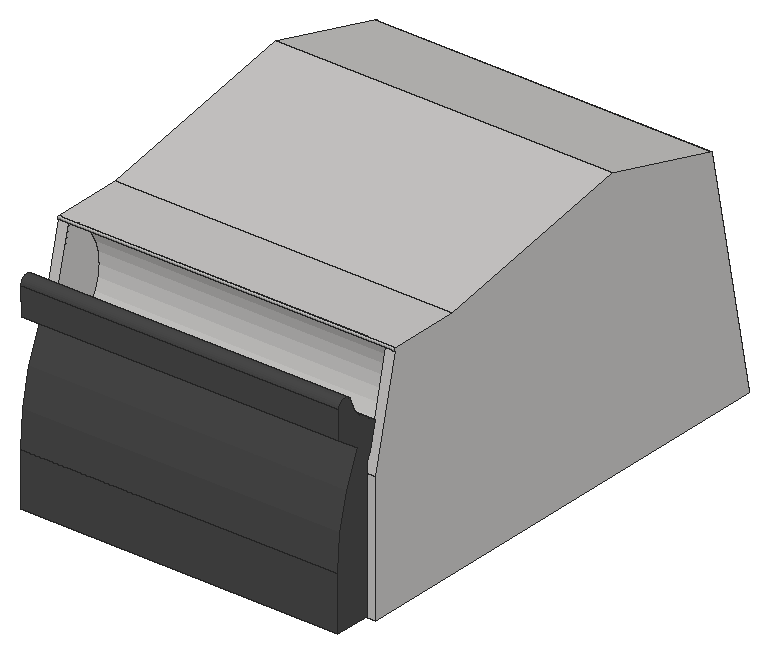
Revit family "Towel_Dispenser-Bradley_Corp-2482-11", category Specialty Equipment, host Face, Revit 2012
Parameters
  Width = 11"
  Warranty Information = "Complete unit, excepting mirrors warranted for one year.\r\n Stainless steel mirror frames for fifteen years.\r\n Plate glass mirrors for fifteen years.\r\n This warranty does not cover installation or any other labor charges and does not apply to any units,\r\n which have been damaged by accident, abuse, improper installation, improper maintenance, or altered in any way."
  Version = "2.0"
  URL = "http://www.bradleycorp.com/"
  Type Comments = ""
  Towel Lip Material = Plastic - Bradley Corp - Black Smooth
  Specifications URL = "http://www.bradleycorp.com/3partspec"
  Product Tech Data URL - Spanish = ""
  Product Tech Data URL - French = ""
  Product Tech Data URL - English = "http://bradleycorp.com/download/172/8189.pdf"
  OmniClass Table 23 Title = "Paper Towel Dispenser, Disposal Units"
  OmniClass Table 23 Number = "23-31 25 19 11"
  OmniClass Table 21 Title = "Toilet, Bath, and Laundry Accessories"
  OmniClass Table 21 Number = "21-03 10 90 40"
  Modeling Code = ""
  Model = "2482-110000"
  MasterFormat Title = "Toilet Accessories"
  MasterFormat Number = "10 28 13. 13"
  Manufacturer = "Bradley Corporation"
  Industry Standards = ""
  Height = 17"
  Fire Rating = "n/a"
  Description = "Towel Dispenser "
  Depth = 8 7/8"
  Default Elevation = 48"
  Copyright = "This Model Data is Property of Bradley Corporation"
  Cabinet Material = Matel - Bradley Corp -  Stainless Steel Satin
  Buy American Act = "Yes"
  Assembly Code = "C1030200"
  ADA Compliant = "Yes"
Reference planes (in)
  plane 1 "Center (Front/Back)": y = 0
  plane 2: z = 0
  plane 3 "Center (Left/Right)": x = 0
  plane 4 "Top": y = 8.5
  plane 5 "Right": x = 5.5
  plane 6 "Bottom": y = -8.5
  plane 7 "Left": x = -5.5
  plane 8 "Front": z = 8.875
  plane 9 "Center (Elevation)": y = -7.9375
Forms (in)
  Extrusion 1, solid, material "Matel - Bradley Corp -  Stainless Steel Satin" <- "Cabinet Material", detail levels fine
    sketch origin (0, 0, 0) x (0, 1, 0) y (0, 0, 1)
      loop
        line (8.5, 0) -> (8.5, 0.05359) -> (7.0182, 7.67682)
        arc (7.0182, 7.67682) -> (7.00297, 7.70609) -> (6.97483, 7.72332) r 0.06168
        line (6.97483, 7.72332) -> (2.9511, 8.875) -> (-3.59144, 7.64829) -> (-5.90384, 7.64829)
        arc (-5.90384, 7.64829) -> (-5.94884, 7.60329) -> (-5.90384, 7.55829) r 0.045
        line (-5.90384, 7.55829) -> (-6.71921, 4.22347) -> (-6.71921, 0) -> (8.5, 0)
    from -5.5 to 5.5
  Extrusion 2, solid, material "Plastic - Bradley Corp - Black Smooth" <- "Towel Lip Material", detail levels fine
    sketch origin (0, 0, 0) x (0, 1, 0) y (0, 0, 1)
      loop
        line (-6.29324, 5.96566) -> (-7.43566, 6.75227)
        arc (-7.43566, 6.75227) -> (-7.70337, 6.78551) -> (-7.84542, 6.55618) r 0.25
        line (-7.84542, 6.55618) -> (-7.83144, 5.6431) -> (-7.06636, 5.12705)
        arc (-7.06636, 5.12705) -> (-7.67156, 3.50192) -> (-7.87714, 1.78) r 7.314
        line (-7.87714, 1.78) -> (-7.87714, 0.03) -> (-6.71921, 0.03) -> (-6.71921, 4.22347) -> (-6.29324, 5.96566)
    from -5.19141 to 5.19141
  Extrusion 3, void
    sketch origin (0, 0, 0) x (0, 1, 0) y (0, 0, 1)
      loop
        line (-5.90384, 7.55829) -> (-7.43566, 6.75227)
        arc (-7.43566, 6.75227) -> (-7.37421, 6.67642) -> (-7.34649, 6.58281) r 0.25
        arc (-7.34649, 6.58281) -> (-7.18703, 6.24713) -> (-6.90656, 6.00332) r 0.90896
        line (-6.90656, 6.00332) -> (-6.52851, 5.76708)
        arc (-6.52851, 5.76708) -> (-6.26762, 5.26589) -> (-6.57953, 4.79476) r 0.5566
        arc (-6.57953, 4.79476) -> (-6.40709, 3.95845) -> (-5.61176, 4.26925) r 0.55859
        arc (-5.61176, 4.26925) -> (-4.69264, 6.00836) -> (-5.90384, 7.55829) r 1.80917
    from -5.19141 to 5.19141
  Extrusion 4, solid, material "Matel - Bradley Corp -  Stainless Steel Satin" <- "Cabinet Material", detail levels medium
    sketch origin (0, 0, 0) x (0, 1, 0) y (0, 0, 1)
      loop
        line (8.51004, 0.00195) -> (7.01118, 7.71292) -> (2.95195, 8.87476) -> (-3.58929, 7.64829) -> (-5.88183, 7.64829) -> (-6.71921, 4.22347) -> (-6.71921, 0.00195) -> (8.51004, 0.00195)
    from -5.5 to 5.5
  Extrusion 5, solid, material "Matel - Bradley Corp -  Stainless Steel Satin" <- "Cabinet Material", detail levels coarse
    sketch origin (0, 0, 0) x (0, 1, 0) y (0, 0, 1)
      loop
        line (8.5, 0) -> (7.01118, 7.71292) -> (2.9511, 8.875) -> (-5.88106, 7.65144) -> (-6.71921, 4.22347) -> (-6.71921, 0) -> (8.5, 0)
    from -5.5 to 5.5
  Extrusion 6, solid, material "Plastic - Bradley Corp - Black Smooth" <- "Towel Lip Material", detail levels medium
    sketch origin (0, 0, 0) x (0, 1, 0) y (0, 0, 1)
      loop
        line (-7.43566, 6.75227) -> (-7.84542, 6.55618) -> (-7.83144, 5.6431) -> (-7.06636, 5.12705) -> (-7.87714, 1.78) -> (-7.87714, 0.03) -> (-6.71921, 0.03) -> (-6.71921, 4.22347) -> (-6.3762, 5.62636) -> (-7.43566, 6.75227)
    from -5.19141 to 5.19141
  Extrusion 7, solid, material "Plastic - Bradley Corp - Black Smooth" <- "Towel Lip Material", detail levels coarse
    sketch origin (0, 0, 0) x (0, 1, 0) y (0, 0, 1)
      loop
        line (-6.3762, 5.62636) -> (-7.43566, 6.75227) -> (-7.84542, 6.55618) -> (-7.83144, 5.6431) -> (-7.74553, 0.03) -> (-6.71921, 0.03) -> (-6.71921, 4.22347) -> (-6.3762, 5.62636)
    from -5.19141 to 5.19141
Cuts and joins
  Extrusion 3 cuts Extrusion 2
  Extrusion 3 cuts Extrusion 1
Lines and regions (in)
  Masking region 1
    outline origin (0, 0, 8.875) x (0, 1, 0) y (-1, 0, 0)
      loop
        line (8.51004, 5.5) -> (-6.71921, 5.5) -> (-6.71921, 5.19141) -> (-7.87714, 5.19141) -> (-7.87714, -5.19141) -> (-6.71921, -5.19141) -> (-6.71921, -5.5) -> (8.51004, -5.5) -> (8.51004, 5.5)
  Masking region 2
    outline origin (0, 0, 0) x (1, 0, 0) y (0, 0, 1)
      loop
        line (-5.5, 8.875) -> (-5.5, 0.00195) -> (5.5, 0.00195) -> (5.5, 8.875) -> (-5.5, 8.875)
  Masking region 3
    outline origin (0, 0, 0) x (0, 1, 0) y (0, 0, 1)
      loop
        line (-7.87714, 0) -> (8.5, 0) -> (7.01118, 7.71292) -> (2.95195, 8.87476) -> (-3.58929, 7.64829) -> (-5.90384, 7.64829)
        arc (-5.90384, 7.64829) -> (-5.94884, 7.60329) -> (-5.90384, 7.55829) r 0.045
        arc (-5.90384, 7.55829) -> (-4.69264, 6.00836) -> (-5.61176, 4.26925) r 1.80917
        arc (-5.61176, 4.26925) -> (-6.17993, 3.89214) -> (-6.68938, 4.34546) r 0.55859
        arc (-6.68938, 4.34546) -> (-6.68314, 4.58201) -> (-6.57953, 4.79476) r 0.55859
        arc (-6.57953, 4.79476) -> (-6.28278, 5.16286) -> (-6.3762, 5.62636) r 0.5566
        line (-6.3762, 5.62636) -> (-7.43566, 6.75227)
        arc (-7.43566, 6.75227) -> (-7.70337, 6.78551) -> (-7.84542, 6.55618) r 0.25
        line (-7.84542, 6.55618) -> (-7.83144, 5.6431) -> (-7.06636, 5.12705)
        arc (-7.06636, 5.12705) -> (-7.67156, 3.50192) -> (-7.87714, 1.78) r 7.314
        line (-7.87714, 1.78) -> (-7.87714, 0)
  model lines, detail levels medium+fine
    curve 1: circle (0, 8.19233, 1.6364) r 0.46094 normal (0, 0.9816, 0.1908)
  model lines, detail levels fine
    curve 2: circle (0, 8.19233, 1.6364) r 0.30078 normal (0, 0.9816, 0.1908)
  symbolic lines
    curve 3: line (5.5, 7.01118, 8.875) -> (-5.5, 7.01118, 8.875)
    curve 6: line (-5.5, 2.9511, 8.875) -> (5.5, 2.9511, 8.875)
    curve 7: line (-5.5, -3.58929, 8.875) -> (5.5, -3.58929, 8.875)
    curve 8: line (-5.5, -5.88106, 8.875) -> (5.5, -5.88106, 8.875)
    curve 11: line (-5.5, 0, 7.67682) -> (5.5, 0, 7.67682)
  symbolic lines, detail levels medium+fine
    curve 4: spline (0.46094, 8.19233, 8.875) -> (0.44523, 8.2151, 8.875) -> (0.39918, 8.23631, 8.875) -> (0.32593, 8.25452, 8.875) -> (0.23047, 8.2685, 8.875) -> (0.1193, 8.27729, 8.875) -> (0, 8.28028, 8.875) -> (-0.1193, 8.27729, 8.875) -> (-0.23047, 8.2685, 8.875) -> (-0.32593, 8.25452, 8.875) -> (-0.39918, 8.23631, 8.875) -> (-0.44523, 8.2151, 8.875) -> (-0.46094, 8.19233, 8.875) -> (-0.44523, 8.16957, 8.875) -> (-0.39918, 8.14836, 8.875) -> (-0.32593, 8.13014, 8.875) -> (-0.23047, 8.11616, 8.875) -> (-0.1193, 8.10738, 8.875) -> (0, 8.10438, 8.875) -> (0.1193, 8.10738, 8.875) -> (0.23047, 8.11616, 8.875) -> (0.32593, 8.13014, 8.875) -> (0.39918, 8.14836, 8.875) -> (0.44523, 8.16957, 8.875) -> (0.46094, 8.19233, 8.875)
    curve 10: spline (0.46094, 0, 1.6364) -> (0.44523, 0, 1.5193) -> (0.39918, 0, 1.41017) -> (0.32593, 0, 1.31646) -> (0.23047, 0, 1.24456) -> (0.1193, 0, 1.19935) -> (0, 0, 1.18394) -> (-0.1193, 0, 1.19935) -> (-0.23047, 0, 1.24456) -> (-0.32593, 0, 1.31646) -> (-0.39918, 0, 1.41017) -> (-0.44523, 0, 1.5193) -> (-0.46094, 0, 1.6364) -> (-0.44523, 0, 1.75351) -> (-0.39918, 0, 1.86264) -> (-0.32593, 0, 1.95635) -> (-0.23047, 0, 2.02825) -> (-0.1193, 0, 2.07346) -> (0, 0, 2.08887) -> (0.1193, 0, 2.07346) -> (0.23047, 0, 2.02825) -> (0.32593, 0, 1.95635) -> (0.39918, 0, 1.86264) -> (0.44523, 0, 1.75351) -> (0.46094, 0, 1.6364)
  symbolic lines, detail levels fine
    curve 5: spline (0.30078, 8.19233, 8.875) -> (0.29053, 8.20719, 8.875) -> (0.26048, 8.22103, 8.875) -> (0.21268, 8.23291, 8.875) -> (0.15039, 8.24204, 8.875) -> (0.07785, 8.24777, 8.875) -> (0, 8.24972, 8.875) -> (-0.07785, 8.24777, 8.875) -> (-0.15039, 8.24204, 8.875) -> (-0.21268, 8.23291, 8.875) -> (-0.26048, 8.22103, 8.875) -> (-0.29053, 8.20719, 8.875) -> (-0.30078, 8.19233, 8.875) -> (-0.29053, 8.17748, 8.875) -> (-0.26048, 8.16364, 8.875) -> (-0.21268, 8.15175, 8.875) -> (-0.15039, 8.14263, 8.875) -> (-0.07785, 8.1369, 8.875) -> (0, 8.13494, 8.875) -> (0.07785, 8.1369, 8.875) -> (0.15039, 8.14263, 8.875) -> (0.21268, 8.15175, 8.875) -> (0.26048, 8.16364, 8.875) -> (0.29053, 8.17748, 8.875) -> (0.30078, 8.19233, 8.875)
    curve 9: spline (0.30078, 0, 1.6364) -> (0.29053, 0, 1.55999) -> (0.26048, 0, 1.48878) -> (0.21268, 0, 1.42763) -> (0.15039, 0, 1.38071) -> (0.07785, 0, 1.35121) -> (0, 0, 1.34115) -> (-0.07785, 0, 1.35121) -> (-0.15039, 0, 1.38071) -> (-0.21268, 0, 1.42763) -> (-0.26048, 0, 1.48878) -> (-0.29053, 0, 1.55999) -> (-0.30078, 0, 1.6364) -> (-0.29053, 0, 1.71282) -> (-0.26048, 0, 1.78403) -> (-0.21268, 0, 1.84518) -> (-0.15039, 0, 1.8921) -> (-0.07785, 0, 1.9216) -> (0, 0, 1.93166) -> (0.07785, 0, 1.9216) -> (0.15039, 0, 1.8921) -> (0.21268, 0, 1.84518) -> (0.26048, 0, 1.78403) -> (0.29053, 0, 1.71282) -> (0.30078, 0, 1.6364)
Dimensions and locks (in)
  "Height": plane 6 "Bottom" to plane 4 "Top"
  equal spacing: plane 6 "Bottom", plane 1 "Center (Front/Back)", plane 4 "Top"
  "Width": plane 7 "Left" to plane 5 "Right"
  equal spacing: plane 7 "Left", plane 3 "Center (Left/Right)", plane 5 "Right"
  "Depth": plane 8 "Front" to plane 2
  plane 7 "Left" to Extrusion 2 = 79/256"
  Extrusion 2 to plane 5 "Right" = 79/256"
  aligned and locked: plane 2 to host face
  aligned and locked: level to host face
  aligned and locked: plane 7 "Left" to Extrusion 1
  aligned and locked: plane 5 "Right" to Extrusion 1
  aligned and locked: Extrusion 3 to cut or joined group of Extrusion 2, Extrusion 3
  aligned and locked: cut or joined group of Extrusion 2, Extrusion 3 to Extrusion 3
  aligned and locked: plane 7 "Left" to Extrusion 5
  aligned and locked: plane 5 "Right" to Extrusion 5
  aligned and locked: plane 5 "Right" to Extrusion 4
  aligned and locked: plane 7 "Left" to Extrusion 4
  aligned and locked: Extrusion 6 to cut or joined group of Extrusion 2, Extrusion 3  (x2)
  aligned and locked: Masking region 1 sketch curve to Extrusion 4  (x3)
  aligned and locked: Masking region 1 sketch curve to cut or joined group of Extrusion 2, Extrusion 3  (x3)
  aligned and locked: Masking region 2 sketch curve to cut or joined group of Extrusion 1, Extrusion 3  (x2)
  aligned and locked: Masking region 2 sketch curve to Extrusion 4  (x2)
  aligned and locked: Masking region 3 sketch curve to Extrusion 5  (x3)
  aligned and locked: Masking region 3 sketch curve to cut or joined group of Extrusion 2, Extrusion 3
  aligned and locked: Masking region 3 sketch curve to cut or joined group of Extrusion 1, Extrusion 3
  aligned and locked: Masking region 3 sketch curve to Extrusion 4
Automatic sketch dimensions
  host sketch curve to host sketch curve = 19.32912"
  host sketch curve to host sketch curve = 36.88493"
  Extrusion 1 sketch curve to level = 0"
  Extrusion 1 sketch curve to plane 8 "Front" = 0"
  Extrusion 1 sketch curve to plane 4 "Top" = 0"
  Extrusion 1 sketch curve to plane 4 "Top" = 1.4818"
  Extrusion 1 sketch curve to Extrusion 1 sketch curve = 0.04337"
  Extrusion 1 sketch curve to Extrusion 1 sketch curve = 0.01697"
  Extrusion 1 sketch curve to plane 1 "Center (Front/Back)" = 2.9511"
  Extrusion 1 sketch curve to plane 8 "Front" = 1.22671"
  plane 1 "Center (Front/Back)" to Extrusion 1 sketch curve = 3.59144"
  Extrusion 1 sketch curve to plane 8 "Front" = 1.31671"
  plane 9 "Center (Elevation)" to Extrusion 1 sketch curve = 2.03366"
  plane 9 "Center (Elevation)" to Extrusion 1 sketch curve = 1.21829"
  level to Extrusion 1 sketch curve = 0.05359"
  Extrusion 1 sketch curve to Extrusion 1 sketch curve = 3.33482"
  Extrusion 1 sketch curve to plane 8 "Front" = 1.21098"
  Extrusion 1 sketch curve to Extrusion 1 sketch curve = 0.0128"
  level to Extrusion 2 sketch curve = 0.03"
  plane 9 "Center (Elevation)" to Extrusion 2 sketch curve = 0.06036"
  plane 9 "Center (Elevation)" to Extrusion 2 sketch curve = 0.09208"
  plane 9 "Center (Elevation)" to Extrusion 2 sketch curve = 0.10606"
  Extrusion 2 sketch curve to Extrusion 2 sketch curve = 0.24997"
  Extrusion 2 sketch curve to Extrusion 2 sketch curve = 0.15979"
  plane 9 "Center (Elevation)" to Extrusion 2 sketch curve = 0.87114"
  Extrusion 2 sketch curve to Extrusion 2 sketch curve = 0.34715"
  Extrusion 2 sketch curve to Extrusion 2 sketch curve = 0.77312"
  plane 1 "Center (Front/Back)" to Extrusion 2 sketch curve = 0.56315"
  Extrusion 2 sketch curve to Extrusion 2 sketch curve = 1 3/4"
  Extrusion 2 sketch curve to Extrusion 2 sketch curve = 0.90358"
  Extrusion 2 sketch curve to Extrusion 2 sketch curve = 0.51606"
  Extrusion 2 sketch curve to Extrusion 2 sketch curve = 0.83862"
  Extrusion 2 sketch curve to Extrusion 2 sketch curve = 0.91308"
  Extrusion 2 sketch curve to Extrusion 2 sketch curve = 0.00383"
  plane 9 "Center (Elevation)" to Extrusion 3 sketch curve = 0.34205"
  Extrusion 3 sketch curve to Extrusion 3 sketch curve = 0.15979"
  Extrusion 3 sketch curve to Extrusion 3 sketch curve = 0.08917"
  Extrusion 3 sketch curve to Extrusion 3 sketch curve = 0.43994"
  Extrusion 3 sketch curve to Extrusion 3 sketch curve = 0.0831"
  Extrusion 3 sketch curve to Extrusion 3 sketch curve = 0.24393"
  Extrusion 3 sketch curve to Extrusion 3 sketch curve = 0.37805"
  Extrusion 3 sketch curve to Extrusion 3 sketch curve = 0.03379"
  Extrusion 3 sketch curve to Extrusion 3 sketch curve = 0.88343"
  Extrusion 3 sketch curve to Extrusion 3 sketch curve = 0.43899"
  Extrusion 3 sketch curve to Extrusion 3 sketch curve = 0.55923"
  Extrusion 3 sketch curve to Extrusion 3 sketch curve = 0.52877"
  level to Extrusion 3 sketch curve = 4.26925"
  Extrusion 3 sketch curve to Extrusion 3 sketch curve = 0.18009"
  Extrusion 3 sketch curve to Extrusion 3 sketch curve = 0.5003"
  Extrusion 3 sketch curve to Extrusion 3 sketch curve = 0.08125"
  Extrusion 3 sketch curve to Extrusion 3 sketch curve = 0.15499"
  Extrusion 3 sketch curve to Extrusion 3 sketch curve = 0.55669"
  Extrusion 3 sketch curve to Extrusion 3 sketch curve = 0.02281"
  curve 1 to curve 2 = 0"  (x2)
  curve 2 to Extrusion 1 = 1.61244"
  Extrusion 1 to curve 2 = 5 1/2"
  level to Extrusion 4 sketch curve = 0.00195"
  plane 9 "Center (Elevation)" to Extrusion 4 sketch curve = 1.21829"
  plane 9 "Center (Elevation)" to Extrusion 4 sketch curve = 2.05567"
  Extrusion 4 sketch curve to plane 8 "Front" = 1.22671"
  Extrusion 4 sketch curve to Extrusion 4 sketch curve = 2.29255"
  Extrusion 4 sketch curve to plane 8 "Front" = 0.00024"
  Extrusion 4 sketch curve to plane 1 "Center (Front/Back)" = 2.95195"
  Extrusion 4 sketch curve to plane 4 "Top" = 1.48882"
  plane 4 "Top" to Extrusion 4 sketch curve = 0.01004"
  Extrusion 4 sketch curve to Extrusion 4 sketch curve = 3.42482"
  Extrusion 4 sketch curve to plane 8 "Front" = 1.16208"
  Extrusion 5 sketch curve to level = 0"
  Extrusion 5 sketch curve to plane 8 "Front" = 0"
  Extrusion 5 sketch curve to plane 4 "Top" = 0"
  Extrusion 5 sketch curve to plane 4 "Top" = 1.48882"
  Extrusion 5 sketch curve to plane 1 "Center (Front/Back)" = 2.9511"
  plane 9 "Center (Elevation)" to Extrusion 5 sketch curve = 2.05644"
  plane 9 "Center (Elevation)" to Extrusion 5 sketch curve = 1.21829"
  level to Extrusion 5 sketch curve = 4.22347"
  Extrusion 5 sketch curve to plane 8 "Front" = 1.22356"
  Extrusion 5 sketch curve to plane 8 "Front" = 1.16208"
  level to Extrusion 6 sketch curve = 0.03"
  plane 9 "Center (Elevation)" to Extrusion 6 sketch curve = 0.06036"
  plane 9 "Center (Elevation)" to Extrusion 6 sketch curve = 0.09208"
  plane 9 "Center (Elevation)" to Extrusion 6 sketch curve = 0.10606"
  Extrusion 6 sketch curve to Extrusion 6 sketch curve = 0.40976"
  plane 9 "Center (Elevation)" to Extrusion 6 sketch curve = 0.87114"
  Extrusion 6 sketch curve to Extrusion 6 sketch curve = 1.15793"
  Extrusion 6 sketch curve to Extrusion 6 sketch curve = 0.69016"
  Extrusion 6 sketch curve to Extrusion 6 sketch curve = 1 3/4"
  Extrusion 6 sketch curve to Extrusion 6 sketch curve = 2.44347"
  Extrusion 6 sketch curve to Extrusion 6 sketch curve = 0.90358"
  Extrusion 6 sketch curve to Extrusion 6 sketch curve = 0.49931"
  Extrusion 6 sketch curve to Extrusion 6 sketch curve = 0.51606"
  Extrusion 6 sketch curve to Extrusion 6 sketch curve = 0.91308"
  Extrusion 6 sketch curve to Extrusion 6 sketch curve = 0.19609"
  plane 9 "Center (Elevation)" to Extrusion 7 sketch curve = 0.09208"
  plane 9 "Center (Elevation)" to Extrusion 7 sketch curve = 0.10606"
  level to Extrusion 7 sketch curve = 0.03"
  plane 9 "Center (Elevation)" to Extrusion 7 sketch curve = 0.19197"
  Extrusion 7 sketch curve to Extrusion 7 sketch curve = 0.40976"
  Extrusion 7 sketch curve to Extrusion 7 sketch curve = 1.02632"
  Extrusion 7 sketch curve to Extrusion 7 sketch curve = 0.34301"
  Extrusion 7 sketch curve to Extrusion 7 sketch curve = 4.19347"
  Extrusion 7 sketch curve to Extrusion 7 sketch curve = 1.40289"
  Extrusion 7 sketch curve to Extrusion 7 sketch curve = 0.01674"
  Extrusion 7 sketch curve to Extrusion 7 sketch curve = 0.91308"
  Extrusion 7 sketch curve to Extrusion 7 sketch curve = 0.19609"
  Masking region 1 sketch curve to Masking region 1 sketch curve = 1.15793"  (x2)
  plane 9 "Center (Elevation)" to Masking region 3 sketch curve = 0.09208"
  plane 9 "Center (Elevation)" to Masking region 3 sketch curve = 0.10606"
  Masking region 3 sketch curve to Masking region 3 sketch curve = 0.24997"
  Masking region 3 sketch curve to Masking region 3 sketch curve = 0.15979"
  Masking region 3 sketch curve to Masking region 3 sketch curve = 0.51606"
  Masking region 3 sketch curve to Masking region 3 sketch curve = 0.91308"
  Masking region 3 sketch curve to Masking region 3 sketch curve = 0.00383"
  Masking region 3 sketch curve to Masking region 3 sketch curve = 0.045"
  Masking region 3 sketch curve to Masking region 3 sketch curve = 0.37698"
  Masking region 3 sketch curve to Masking region 3 sketch curve = 0.52877"
  Masking region 3 sketch curve to Masking region 3 sketch curve = 0.78159"
  Masking region 3 sketch curve to Masking region 3 sketch curve = 0.10985"
  Masking region 3 sketch curve to Masking region 3 sketch curve = 0.2429"
  Masking region 3 sketch curve to Masking region 3 sketch curve = 0"  (x2)
  Masking region 3 sketch curve to Masking region 3 sketch curve = 0.32874"
  Masking region 3 sketch curve to Masking region 3 sketch curve = 0.11852"
  Masking region 3 sketch curve to Masking region 3 sketch curve = 0.43899"
  Masking region 3 sketch curve to Masking region 3 sketch curve = 0.22197"
  Masking region 3 sketch curve to plane 8 "Front" = 1.27171"
  radius of curve 1 = 59/128"
  radius of curve 2 = 77/256"
